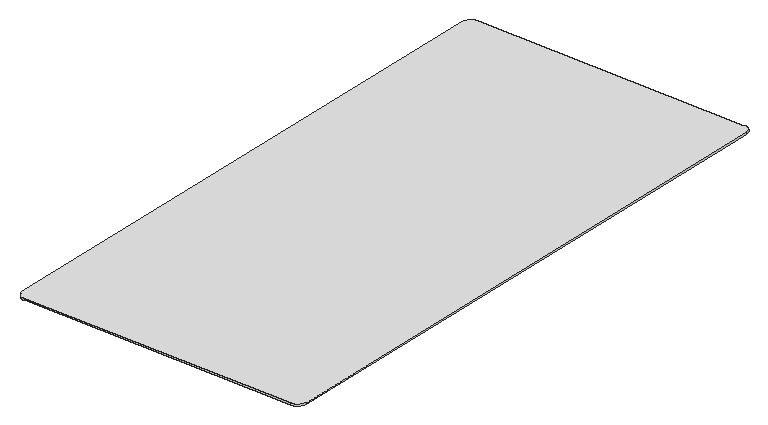
Revit family "380000", category Specialty Equipment, host Face, Revit 2018
Family settings
  Host = Face
  Round Connector Dimension = Use Diameter
  Part Type = Normal
  OmniClass Number = 23.40.20.21.14
  OmniClass Title = Hand and Hair Dryers
  Cut with Voids When Loaded = No
  Shared = No
  Room Calculation Point = No
Parameters (values of type "89W")
  Width = 1' - 4"  # constant formula
  Version = "2017 - v1.0b"  # constant formula
  URL = "http://www.exceldryer.com/index.php"
  Product Page URL = "http://www.exceldryer.com/specification_tools.php"
  Product Name = "XLERATOR Wall Guard"  # constant formula
  Product Documentation Link = "http://www.exceldryer.com/pdfs/2014/Excel2014WallGuards.pdf"
  Model = "Wall Guard White"
  Material = "Microban anti-microbial plastic"
  Manufacturer Phone Number = "800-255-9235"  # constant formula
  Manufacturer Fax Number = "1-413-525-2853"  # constant formula
  Manufacturer Email = "mailto:sales@exceldryer.com"
  Manufacturer Address = "357 Chestnut St. P. O. Box 365, East Longmeadow, MA 01028"  # constant formula
  Manufacturer = "Excel Dryer"  # constant formula
  Keynote = "10 28 13"
  Height = 2' - 8"  # constant formula
  Description = "Wall Guard"  # constant formula
  Depth = 0' - 0 1/16"  # constant formula
  Default Elevation = 1' - 5 9/16"
  Wall Guard Material = Plastic - Excel Dryer - Anti-Microbial - White
  Copyright = "© 2019 Excel Dryer. All Rights Reserved."  # constant formula
  Assembly Code = "C1090.4040"
Types (4): name | Product Page URL | Model | Material | Wall Guard Material | Assembly Code
  (no name) | "http://www.exceldryer.com/specification_tools.php" | "Wall Guard White" | "Microban anti-microbial plastic" | Plastic - Excel Dryer - Anti-Microbial - White | "C1030200"
  89S | "http://www.exceldryer.com/specification_tools.php" | "Wall Guard Stainless" | "Stainless Steel" | Metal - Excel Dryer - Stainless Steel - Brushed | "C1030200"
  89B | "http://www.exceldryer.com/products_xlerator.php#xlerator_accessories" | "Wall Guard Black" | "Microban anti-microbial plastic" | Plastic - Excel Dryer - Anti-Microbial - Black | "C1030200"
  89W | "http://www.exceldryer.com/specification_tools.php" | "Wall Guard White" | "Microban anti-microbial plastic" | Plastic - Excel Dryer - Anti-Microbial - White | "C1090.4040"
Reference planes (in)
  plane 1 "Center (Front/Back)": y = 0
  plane 2: z = 0
  plane 3 "Center (Left/Right)": x = 0
  plane 4 "Top": y = 16
  plane 5 "Bottom": y = -16
  plane 6 "Front": z = 0.0625
  plane 7 "Back": z = 0
  plane 8: x = -8
  plane 9: x = 8
  plane 10 "Bottom of Dryer": y = 17
  plane 11: y = 15
  plane 12: y = -15
  plane 13: x = -6.5
  plane 14: x = 6.5
  plane 15: x = -3
  plane 16: x = -1.75
  plane 17: x = 1.75
  plane 18: x = 3
  plane 19: x = -7.75
  plane 20: x = 7.75
Forms (in)
  Extrusion 1, solid, material "Plastic - Excel Dryer - Anti-Microbial - White" <- "Wall Guard Material"
    sketch origin (0, 0, 0) x (1, 0, 0) y (0, 1, 0)
      loop
        arc (-7.5, 16) -> (-7.85355, 15.85355) -> (-8, 15.5) r 0.5
        line (-8, 15.5) -> (-8, -15.5)
        arc (-8, -15.5) -> (-7.85355, -15.85355) -> (-7.5, -16) r 0.5
        line (-7.5, -16) -> (7.5, -16)
        arc (7.5, -16) -> (7.85355, -15.85355) -> (8, -15.5) r 0.5
        line (8, -15.5) -> (8, 15.5)
        arc (8, 15.5) -> (7.85355, 15.85355) -> (7.5, 16) r 0.5
        line (7.5, 16) -> (-7.5, 16)
    from 0 to 0.0625
Lines and regions (in)
  Masking region 1
    outline origin (0, 0, 0) x (1, 0, 0) y (0, 0, 1)
      loop
        line (-8, 0.0625) -> (-8, 0) -> (8, 0) -> (8, 0.0625) -> (-8, 0.0625)
  model lines
    curve 1: line (-7.75, 15, 0) -> (-6.5, 15, 0)
    curve 2: line (-7.75, -15, 0) -> (-7.75, 15, 0)
    curve 3: line (-6.5, -15, 0) -> (-7.75, -15, 0)
    curve 4: line (-6.5, 15, 0) -> (-6.5, -15, 0)
    curve 5: line (-3, 15, 0) -> (-1.75, 15, 0)
    curve 6: line (-3, -15, 0) -> (-3, 15, 0)
    curve 7: line (-1.75, -15, 0) -> (-3, -15, 0)
    curve 8: line (-1.75, 15, 0) -> (-1.75, -15, 0)
    curve 9: line (1.75, 15, 0) -> (3, 15, 0)
    curve 10: line (1.75, -15, 0) -> (1.75, 15, 0)
    curve 11: line (3, -15, 0) -> (1.75, -15, 0)
    curve 12: line (3, 15, 0) -> (3, -15, 0)
    curve 13: line (6.5, 15, 0) -> (7.75, 15, 0)
    curve 14: line (6.5, -15, 0) -> (6.5, 15, 0)
    curve 15: line (7.75, -15, 0) -> (6.5, -15, 0)
    curve 16: line (7.75, 15, 0) -> (7.75, -15, 0)
Dimensions and locks (in)
  equal spacing: plane 5 "Bottom", plane 1 "Center (Front/Back)", plane 4 "Top"
  "Height": plane 5 "Bottom" to plane 4 "Top"
  equal spacing: plane 8, plane 3 "Center (Left/Right)", plane 9
  "Width": plane 8 to plane 9
  "Depth": plane 6 "Front" to plane 7 "Back"
  locked: plane 10 "Bottom of Dryer" to plane 4 "Top" at 1
  locked: plane 5 "Bottom" to plane 12 at 1
  locked: plane 4 "Top" to plane 11 at 1
  locked: plane 8 to plane 13 at 1.5
  locked: plane 14 to plane 9 at 1.5
  locked: plane 16 to plane 17 at 3.5
  locked: plane 13 to plane 15 at 3.5
  locked: plane 15 to plane 16 at 1.25
  locked: plane 18 to plane 14 at 3.5
  Extrusion 1 sketch curve to Extrusion 1 sketch curve to plane 9 = 0' - 0" locked, 0' - 0 1/2" locked
  plane 8 to Extrusion 1 sketch curve to Extrusion 1 sketch curve = 0' - 0 1/2" locked, 0' - 0" locked
  plane 5 "Bottom" to Extrusion 1 sketch curve to Extrusion 1 sketch curve = 0' - 0 1/2" locked, 0' - 0" locked
  locked: plane 20 to plane 9 at 0.25
  locked: plane 8 to plane 19 at 0.25
  plane 4 "Top" to Extrusion 1 sketch curve to Extrusion 1 sketch curve = 0' - 0 1/2" locked, 0' - 0" locked
  aligned and locked: plane 2 to host face
  aligned and locked: level to host face
  aligned and locked: plane 2 to plane 7 "Back"
  aligned and locked: plane 8 to Extrusion 1 sketch curve
  aligned and locked: Extrusion 1 sketch curve to plane 5 "Bottom"
  aligned and locked: Extrusion 1 sketch curve to plane 9
  aligned and locked: Extrusion 1 to plane 7 "Back"
  aligned and locked: plane 6 "Front" to Extrusion 1
  aligned and locked: Extrusion 1 sketch curve to plane 4 "Top"
Automatic sketch dimensions
  host sketch curve to host sketch curve = 8' - 0"  (x2)
  plane 12 to curve 3 = 0' - 0"
  curve 3 to plane 19 = 0' - 0"
  curve 3 to plane 13 = 0' - 0"
  curve 5 to plane 4 "Top" = 0' - 1"
  curve 5 to plane 15 = 0' - 0"
  curve 5 to plane 16 = 0' - 0"
  curve 9 to plane 4 "Top" = 0' - 1"
  curve 9 to plane 17 = 0' - 0"
  curve 9 to plane 18 = 0' - 0"
  curve 13 to plane 4 "Top" = 0' - 1"
  curve 13 to plane 14 = 0' - 0"
  curve 13 to plane 20 = 0' - 0"
  plane 12 to curve 16 = 0' - 0"
  plane 12 to curve 12 = 0' - 0"
  plane 12 to curve 6 = 0' - 0"
  curve 4 to plane 4 "Top" = 0' - 1"
  Masking region 1 sketch curve to level = 0' - 0"
  Masking region 1 sketch curve to plane 8 = 0' - 0"
  Masking region 1 sketch curve to plane 9 = 0' - 0"
  Masking region 1 sketch curve to plane 6 "Front" = 0' - 0"
